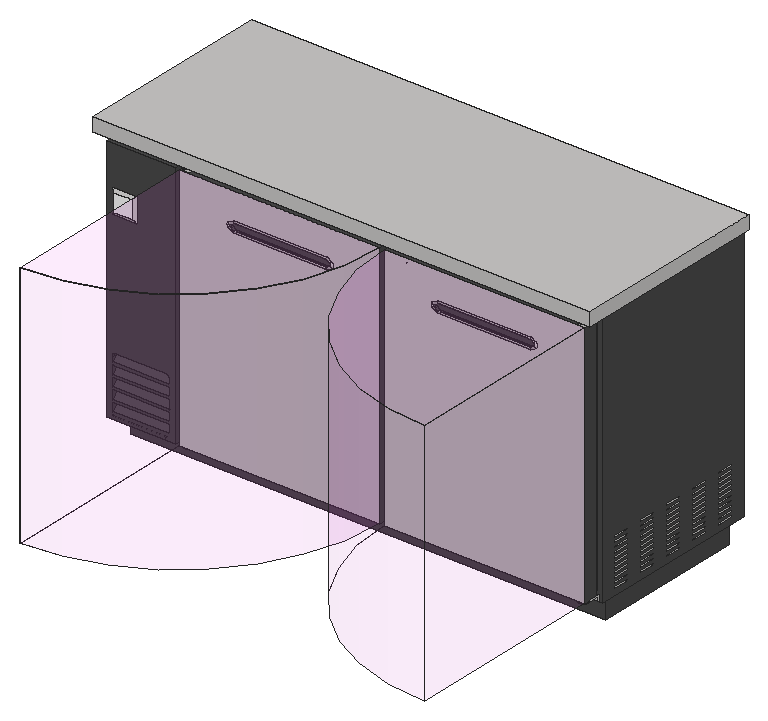
Revit family "QF_Kelvinator_738270_KCHBB60S", category Specialty Equipment, Revit 2021
Family settings
  Round Connector Dimension = Use Diameter
  Part Type = Normal
  Work Plane-Based = No
  Always vertical = Yes
  Cut with Voids When Loaded = No
  Shared = No
  Room Calculation Point = No
Parameters
  Weight in Pounds = 240.304
  Weight = 108.00 lbm
  Watts = 0 W
  Volts = 115 V
  URL Manufacturer = "KELVINATOR"
  URL Cutsheet = ""
  URL = "KELVINATOR"
  Specification by User = ""
  Specification by Manufacturer = ""
  Serial Number = ""
  Seismic Rating = ""
  SMACNA No = ""
  Revision Code = ""
  Refrigerant Type = "R290"
  Phase = 1
  Number of Poles = 1
  NAFEM Spec ID Number = ""
  Model = "KCHBB60S"
  Min Ckt Ampacity = 0 A
  Max Overcurrent Protection = 0 A
  Masterspec = ""
  Manufacturer = "Kelvinator"
  Length Actual = 1551"
  Length = 61.06"
  Item Number = "738270"
  Installed By = ""
  Identify Quantity as Lot = yes
  Height Actual = 920"
  Height = 36 1/4"
  HP = "0.4 HP"
  Gas KW = 0
  Furnished By = ""
  Foodservice Equipment Identifier = yes
  FL Amps = 3 A
  Electrical Remarks = ""
  Electric Connection Type = ""
  Elec Conn RI Height = 0"
  Elec Conn Connection Height = 0"
  Description = "2-SOLID DOOR BACK BAR REFRIGERATOR BLACK 61\" LONG"
  Depth Actual = 620"
  Depth = 24 7/16"
  Default Elevation = 0"
  Cycle = 60 Hz
  Conn Plug = "5-15P"
  Conn Conduit = yes
  CSI MasterFormat = ""
  Apparent Power = 0 VA
  Accessory = no
Reference planes (in)
  plane 1 "BACK": y = 0
  plane 2: z = 0
  plane 3 "LEFT": x = 0
  plane 4 "RIGHT": x = 61.06
  plane 5 "FRONT": y = -24.4375
  plane 6 "TOP": z = 36.25
  plane 7 "Center Y": x = 30.53
  plane 8 "Center X": y = -12.21875
Dimensions and locks (in)
  equal spacing: plane 3 "LEFT", plane 7 "Center Y", plane 4 "RIGHT"
  "Length": plane 3 "LEFT" to plane 4 "RIGHT"
  equal spacing: plane 5 "FRONT", plane 8 "Center X", plane 1 "BACK"
  "Depth": plane 5 "FRONT" to plane 1 "BACK"
  "Height": plane 6 "TOP" to level
  aligned and locked: level to plane 2
Nested families (in)
  nested 1: "KCHBB48S" at (0, 0, 0), type "KCHBB48S"
    with Show Clearance yes
Connectors (in)
  electrical at (30.53, -0.6525, 2.1875), driven by "Volts", driven by "Watts"
    settings: on nested 1, index 1, voltage 115 V, apparent load 0 VA, apparent load phase1 0 VA, apparent load phase2 0 VA, apparent load phase3 0 VA, power factor 1, load classification "Other", number of poles 1, system type 30, power factor state 1, is connector primary yes, connector utility no, sub classification motor no, connector description ""
Definition of nested family "KCHBB48S"
  Parameters (values of type "KCHBB48S")
    Weight in Pounds = 0
    URL Cutsheet = ""
    Specification by User = ""
    Specification by Manufacturer = ""
    Show Clearance [instance] = yes
    Serial Number = ""
    Seismic Rating = ""
    SMACNA No = ""
    Revision Code = ""
    NAFEM Spec ID Number = ""
    Masterspec = ""
    Length = 61 1/16"
    Item Number = ""
    Installed By = ""
    Identify Quantity as Lot = yes
    Height = 36 1/4"
    Furnished By = ""
    Foodservice Equipment Identifier = yes
    Depth = 24 7/16"
    Default Elevation = 0"
    CSI MasterFormat = ""
  Reference planes (in)
    plane 1 "BACK": y = 0
    plane 2: z = 0
    plane 3 "LEFT": x = 0
    plane 4 "RIGHT": x = 61.0625
    plane 5 "FRONT": y = -24.4375
    plane 6 "TOP": z = 36.25
    plane 7 "Center Y": x = 30.53125
    plane 8 "Center X": y = -12.21875
    plane 9: x = 60.46875
    plane 10: x = 0.59375
    plane 11: x = 59.96875
    plane 12: x = 35.36625
    plane 13: x = 34.86875
    plane 14: x = 10.26875
    plane 15: x = 9.68375
    plane 16: x = 1.18375
    plane 17: z = 2.6875
    plane 18: z = 34.5875
    plane 19: y = -40.8
    plane 20: y = -21.6
    plane 21: x = 1.34375
    plane 22: x = 59.71875
    plane 23: y = -1.34
    plane 24: y = -20.26
    plane 25: z = 33.8375
    plane 26: z = 3.4375
    plane 27: y = -22.1
    plane 28: x = 1.93375
    plane 29: x = 8.93375
  Forms (in)
    Extrusion 1, solid
      sketch origin (0.59375, -180, -2.6612) x (0, 0, -1) y (0, -1, 0)
        loop
          line (-5.3487, -180) -> (-5.3487, -158.4) -> (-37.2487, -158.4) -> (-37.2487, -180) -> (-5.3487, -180)
      from 0 to -59.875
    Extrusion 2, solid
      sketch origin (0, 0, 0) x (0, 1, 0) y (0, 0, 1)
        loop
          line (-24.4375, 36.25) -> (-24.4375, 34.5875) -> (0, 34.5875) -> (0, 36.25) -> (-24.4375, 36.25)
      from 0 to 61.0625
    Extrusion 3, solid
      sketch origin (0, -1.34, 0) x (0, 0, -1) y (1, 0, 0)
        loop
          line (-2.6875, 1.34375) -> (0, 1.34375) -> (0, 59.71875) -> (-2.6875, 59.71875) -> (-2.6875, 1.34375)
      from 0 to 18.92
    Extrusion 4, solid
      sketch origin (0, -22.1, 34.5875) x (0, 0, 1) y (1, 0, 0)
        loop
          line (-0.75, 1.18375) -> (-0.75, 9.68375) -> (-31.15, 9.68375) -> (-31.15, 1.18375) -> (-0.75, 1.18375)
      from 0.5 to -1.75
    Extrusion 5, void
      sketch origin (1.93375, -180, 12.66737) x (0, 0, -1) y (0, -1, 0)
        loop
          line (8.97987, -157.025) -> (8.97987, -154.65) -> (1.85487, -154.65) -> (1.85487, -157.025) -> (2.10487, -157.025) -> (2.97987, -156.15) -> (3.22987, -156.15) -> (3.22987, -157.025) -> (3.47987, -157.025) -> (4.35487, -156.15) -> (4.60487, -156.15) -> (4.60487, -157.025) -> (4.85487, -157.025) -> (5.72987, -156.15) -> (5.97987, -156.15) -> (5.97987, -157.025) -> (6.22987, -157.025) -> (7.10487, -156.15) -> (7.35487, -156.15) -> (7.35487, -157.025) -> (7.60487, -157.025) -> (8.47987, -156.15) -> (8.72987, -156.15) -> (8.72987, -157.025) -> (8.97987, -157.025)
      from 0 to -7
    Extrusion 6, solid
      sketch origin (59.96875, -23.85, 3.4375) x (0, 0, 1) y (-1, 0, 0)
        loop
          line (7.375, 51.535) -> (7.375, 57.535)
          arc (7.375, 57.535) -> (7.22855, 57.88855) -> (6.875, 58.035) r 0.5
          line (6.875, 58.035) -> (0.75, 58.035)
          arc (0.75, 58.035) -> (0.39645, 57.88855) -> (0.25, 57.535) r 0.5
          line (0.25, 57.535) -> (0.25, 51.535)
          arc (0.25, 51.535) -> (0.39645, 51.18145) -> (0.75, 51.035) r 0.5
          line (0.75, 51.035) -> (6.875, 51.035)
          arc (6.875, 51.035) -> (7.22855, 51.18145) -> (7.375, 51.535) r 0.5
        loop
          line (7.625, 51.535) -> (7.625, 57.535)
          arc (7.625, 57.535) -> (7.40533, 58.06533) -> (6.875, 58.285) r 0.75
          line (6.875, 58.285) -> (0.75, 58.285)
          arc (0.75, 58.285) -> (0.21967, 58.06533) -> (0, 57.535) r 0.75
          line (0, 57.535) -> (0, 51.535)
          arc (0, 51.535) -> (0.21967, 51.00467) -> (0.75, 50.785) r 0.75
          line (0.75, 50.785) -> (6.875, 50.785)
          arc (6.875, 50.785) -> (7.40533, 51.00467) -> (7.625, 51.535) r 0.75
      from 0 to -0.875
    Blend 7, solid
      base sketch origin (59.96875, -23.85, 3.4375) x (0, 0, 1) y (-1, 0, 0)
        loop
          line (25.18493, 57.65025) -> (22.93493, 57.65025) -> (22.93493, 55.40025) -> (25.18493, 55.40025) -> (25.18493, 57.65025)
      top sketch origin (59.96875, -23.85, 3.4375) x (0, 0, 1) y (-1, 0, 0)
        loop
          line (25.56493, 58.03025) -> (22.55493, 58.03025) -> (22.55493, 55.02025) -> (25.56493, 55.02025) -> (25.56493, 58.03025)
      from 0.21643 to 0
    Extrusion 8, void
      sketch origin (0.59375, -180, -2.6612) x (0, 0, 1) y (0, -1, 0)
        loop
          arc (12.07129, -160.16063) -> (11.91504, -160.00438) -> (11.75879, -160.16063) r 0.15625
          line (11.75879, -160.16063) -> (11.75879, -162.09813)
          arc (11.75879, -162.09813) -> (11.91504, -162.25438) -> (12.07129, -162.09813) r 0.15625
          line (12.07129, -162.09813) -> (12.07129, -160.16063)
        loop
          arc (11.50879, -160.16063) -> (11.35254, -160.00438) -> (11.19629, -160.16063) r 0.15625
          line (11.19629, -160.16063) -> (11.19629, -162.09813)
          arc (11.19629, -162.09813) -> (11.35254, -162.25438) -> (11.50879, -162.09813) r 0.15625
          line (11.50879, -162.09813) -> (11.50879, -160.16063)
        loop
          arc (10.94629, -160.16063) -> (10.79004, -160.00438) -> (10.63379, -160.16063) r 0.15625
          line (10.63379, -160.16063) -> (10.63379, -162.09813)
          arc (10.63379, -162.09813) -> (10.79004, -162.25438) -> (10.94629, -162.09813) r 0.15625
          line (10.94629, -162.09813) -> (10.94629, -160.16063)
        loop
          arc (10.38379, -160.16063) -> (10.22754, -160.00438) -> (10.07129, -160.16063) r 0.15625
          line (10.07129, -160.16063) -> (10.07129, -162.09813)
          arc (10.07129, -162.09813) -> (10.22754, -162.25438) -> (10.38379, -162.09813) r 0.15625
          line (10.38379, -162.09813) -> (10.38379, -160.16063)
        loop
          arc (9.82129, -160.16063) -> (9.66504, -160.00438) -> (9.50879, -160.16063) r 0.15625
          line (9.50879, -160.16063) -> (9.50879, -162.09813)
          arc (9.50879, -162.09813) -> (9.66504, -162.25438) -> (9.82129, -162.09813) r 0.15625
          line (9.82129, -162.09813) -> (9.82129, -160.16063)
        loop
          arc (9.25879, -160.16063) -> (9.10254, -160.00438) -> (8.94629, -160.16063) r 0.15625
          line (8.94629, -160.16063) -> (8.94629, -162.09813)
          arc (8.94629, -162.09813) -> (9.10254, -162.25438) -> (9.25879, -162.09813) r 0.15625
          line (9.25879, -162.09813) -> (9.25879, -160.16063)
        loop
          arc (8.69629, -160.16063) -> (8.54004, -160.00438) -> (8.38379, -160.16063) r 0.15625
          line (8.38379, -160.16063) -> (8.38379, -162.09813)
          arc (8.38379, -162.09813) -> (8.54004, -162.25438) -> (8.69629, -162.09813) r 0.15625
          line (8.69629, -162.09813) -> (8.69629, -160.16063)
        loop
          arc (8.13379, -160.16063) -> (7.97754, -160.00438) -> (7.82129, -160.16063) r 0.15625
          line (7.82129, -160.16063) -> (7.82129, -162.09813)
          arc (7.82129, -162.09813) -> (7.97754, -162.25438) -> (8.13379, -162.09813) r 0.15625
          line (8.13379, -162.09813) -> (8.13379, -160.16063)
        loop
          arc (7.57129, -160.16063) -> (7.41504, -160.00438) -> (7.25879, -160.16063) r 0.15625
          line (7.25879, -160.16063) -> (7.25879, -162.09813)
          arc (7.25879, -162.09813) -> (7.41504, -162.25438) -> (7.57129, -162.09813) r 0.15625
          line (7.57129, -162.09813) -> (7.57129, -160.16063)
        loop
          arc (7.00879, -160.16063) -> (6.85254, -160.00438) -> (6.69629, -160.16063) r 0.15625
          line (6.69629, -160.16063) -> (6.69629, -162.09813)
          arc (6.69629, -162.09813) -> (6.85254, -162.25438) -> (7.00879, -162.09813) r 0.15625
          line (7.00879, -162.09813) -> (7.00879, -160.16063)
        loop
          arc (6.44629, -160.16063) -> (6.29004, -160.00438) -> (6.13379, -160.16063) r 0.15625
          line (6.13379, -160.16063) -> (6.13379, -162.09813)
          arc (6.13379, -162.09813) -> (6.29004, -162.25438) -> (6.44629, -162.09813) r 0.15625
          line (6.44629, -162.09813) -> (6.44629, -160.16063)
        loop
          arc (12.07129, -164.16063) -> (11.91504, -164.00438) -> (11.75879, -164.16063) r 0.15625
          line (11.75879, -164.16063) -> (11.75879, -166.09813)
          arc (11.75879, -166.09813) -> (11.91504, -166.25438) -> (12.07129, -166.09813) r 0.15625
          line (12.07129, -166.09813) -> (12.07129, -164.16063)
        loop
          arc (11.50879, -164.16063) -> (11.35254, -164.00438) -> (11.19629, -164.16063) r 0.15625
          line (11.19629, -164.16063) -> (11.19629, -166.09813)
          arc (11.19629, -166.09813) -> (11.35254, -166.25438) -> (11.50879, -166.09813) r 0.15625
          line (11.50879, -166.09813) -> (11.50879, -164.16063)
        loop
          arc (10.94629, -164.16063) -> (10.79004, -164.00438) -> (10.63379, -164.16063) r 0.15625
          line (10.63379, -164.16063) -> (10.63379, -166.09813)
          arc (10.63379, -166.09813) -> (10.79004, -166.25438) -> (10.94629, -166.09813) r 0.15625
          line (10.94629, -166.09813) -> (10.94629, -164.16063)
        loop
          arc (10.38379, -164.16063) -> (10.22754, -164.00438) -> (10.07129, -164.16063) r 0.15625
          line (10.07129, -164.16063) -> (10.07129, -166.09813)
          arc (10.07129, -166.09813) -> (10.22754, -166.25438) -> (10.38379, -166.09813) r 0.15625
          line (10.38379, -166.09813) -> (10.38379, -164.16063)
        loop
          arc (9.82129, -164.16063) -> (9.66504, -164.00438) -> (9.50879, -164.16063) r 0.15625
          line (9.50879, -164.16063) -> (9.50879, -166.09813)
          arc (9.50879, -166.09813) -> (9.66504, -166.25438) -> (9.82129, -166.09813) r 0.15625
          line (9.82129, -166.09813) -> (9.82129, -164.16063)
        loop
          arc (9.25879, -164.16063) -> (9.10254, -164.00438) -> (8.94629, -164.16063) r 0.15625
          line (8.94629, -164.16063) -> (8.94629, -166.09813)
          arc (8.94629, -166.09813) -> (9.10254, -166.25438) -> (9.25879, -166.09813) r 0.15625
          line (9.25879, -166.09813) -> (9.25879, -164.16063)
        loop
          arc (8.69629, -164.16063) -> (8.54004, -164.00438) -> (8.38379, -164.16063) r 0.15625
          line (8.38379, -164.16063) -> (8.38379, -166.09813)
          arc (8.38379, -166.09813) -> (8.54004, -166.25438) -> (8.69629, -166.09813) r 0.15625
          line (8.69629, -166.09813) -> (8.69629, -164.16063)
        loop
          arc (8.13379, -164.16063) -> (7.97754, -164.00438) -> (7.82129, -164.16063) r 0.15625
          line (7.82129, -164.16063) -> (7.82129, -166.09813)
          arc (7.82129, -166.09813) -> (7.97754, -166.25438) -> (8.13379, -166.09813) r 0.15625
          line (8.13379, -166.09813) -> (8.13379, -164.16063)
        loop
          arc (7.57129, -164.16063) -> (7.41504, -164.00438) -> (7.25879, -164.16063) r 0.15625
          line (7.25879, -164.16063) -> (7.25879, -166.09813)
          arc (7.25879, -166.09813) -> (7.41504, -166.25438) -> (7.57129, -166.09813) r 0.15625
          line (7.57129, -166.09813) -> (7.57129, -164.16063)
        loop
          arc (7.00879, -164.16063) -> (6.85254, -164.00438) -> (6.69629, -164.16063) r 0.15625
          line (6.69629, -164.16063) -> (6.69629, -166.09813)
          arc (6.69629, -166.09813) -> (6.85254, -166.25438) -> (7.00879, -166.09813) r 0.15625
          line (7.00879, -166.09813) -> (7.00879, -164.16063)
        loop
          arc (6.44629, -164.16063) -> (6.29004, -164.00438) -> (6.13379, -164.16063) r 0.15625
          line (6.13379, -164.16063) -> (6.13379, -166.09813)
          arc (6.13379, -166.09813) -> (6.29004, -166.25438) -> (6.44629, -166.09813) r 0.15625
          line (6.44629, -166.09813) -> (6.44629, -164.16063)
        loop
          arc (12.07129, -168.16063) -> (11.91504, -168.00438) -> (11.75879, -168.16063) r 0.15625
          line (11.75879, -168.16063) -> (11.75879, -170.09813)
          arc (11.75879, -170.09813) -> (11.91504, -170.25438) -> (12.07129, -170.09813) r 0.15625
          line (12.07129, -170.09813) -> (12.07129, -168.16063)
        loop
          arc (11.50879, -168.16063) -> (11.35254, -168.00438) -> (11.19629, -168.16063) r 0.15625
          line (11.19629, -168.16063) -> (11.19629, -170.09813)
          arc (11.19629, -170.09813) -> (11.35254, -170.25438) -> (11.50879, -170.09813) r 0.15625
          line (11.50879, -170.09813) -> (11.50879, -168.16063)
        loop
          arc (10.94629, -168.16063) -> (10.79004, -168.00438) -> (10.63379, -168.16063) r 0.15625
          line (10.63379, -168.16063) -> (10.63379, -170.09813)
          arc (10.63379, -170.09813) -> (10.79004, -170.25438) -> (10.94629, -170.09813) r 0.15625
          line (10.94629, -170.09813) -> (10.94629, -168.16063)
        loop
          arc (10.38379, -168.16063) -> (10.22754, -168.00438) -> (10.07129, -168.16063) r 0.15625
          line (10.07129, -168.16063) -> (10.07129, -170.09813)
          arc (10.07129, -170.09813) -> (10.22754, -170.25438) -> (10.38379, -170.09813) r 0.15625
          line (10.38379, -170.09813) -> (10.38379, -168.16063)
        loop
          arc (9.82129, -168.16063) -> (9.66504, -168.00438) -> (9.50879, -168.16063) r 0.15625
          line (9.50879, -168.16063) -> (9.50879, -170.09813)
          arc (9.50879, -170.09813) -> (9.66504, -170.25438) -> (9.82129, -170.09813) r 0.15625
          line (9.82129, -170.09813) -> (9.82129, -168.16063)
        loop
          arc (9.25879, -168.16063) -> (9.10254, -168.00438) -> (8.94629, -168.16063) r 0.15625
          line (8.94629, -168.16063) -> (8.94629, -170.09813)
          arc (8.94629, -170.09813) -> (9.10254, -170.25438) -> (9.25879, -170.09813) r 0.15625
          line (9.25879, -170.09813) -> (9.25879, -168.16063)
        loop
          arc (8.69629, -168.16063) -> (8.54004, -168.00438) -> (8.38379, -168.16063) r 0.15625
          line (8.38379, -168.16063) -> (8.38379, -170.09813)
          arc (8.38379, -170.09813) -> (8.54004, -170.25438) -> (8.69629, -170.09813) r 0.15625
          line (8.69629, -170.09813) -> (8.69629, -168.16063)
        loop
          arc (8.13379, -168.16063) -> (7.97754, -168.00438) -> (7.82129, -168.16063) r 0.15625
          line (7.82129, -168.16063) -> (7.82129, -170.09813)
          arc (7.82129, -170.09813) -> (7.97754, -170.25438) -> (8.13379, -170.09813) r 0.15625
          line (8.13379, -170.09813) -> (8.13379, -168.16063)
        loop
          arc (7.57129, -168.16063) -> (7.41504, -168.00438) -> (7.25879, -168.16063) r 0.15625
          line (7.25879, -168.16063) -> (7.25879, -170.09813)
          arc (7.25879, -170.09813) -> (7.41504, -170.25438) -> (7.57129, -170.09813) r 0.15625
          line (7.57129, -170.09813) -> (7.57129, -168.16063)
        loop
          arc (7.00879, -168.16063) -> (6.85254, -168.00438) -> (6.69629, -168.16063) r 0.15625
          line (6.69629, -168.16063) -> (6.69629, -170.09813)
          arc (6.69629, -170.09813) -> (6.85254, -170.25438) -> (7.00879, -170.09813) r 0.15625
          line (7.00879, -170.09813) -> (7.00879, -168.16063)
        loop
          arc (6.44629, -168.16063) -> (6.29004, -168.00438) -> (6.13379, -168.16063) r 0.15625
          line (6.13379, -168.16063) -> (6.13379, -170.09813)
          arc (6.13379, -170.09813) -> (6.29004, -170.25438) -> (6.44629, -170.09813) r 0.15625
          line (6.44629, -170.09813) -> (6.44629, -168.16063)
        loop
          arc (12.07129, -172.16063) -> (11.91504, -172.00438) -> (11.75879, -172.16063) r 0.15625
          line (11.75879, -172.16063) -> (11.75879, -174.09813)
          arc (11.75879, -174.09813) -> (11.91504, -174.25438) -> (12.07129, -174.09813) r 0.15625
          line (12.07129, -174.09813) -> (12.07129, -172.16063)
        loop
          arc (11.50879, -172.16063) -> (11.35254, -172.00438) -> (11.19629, -172.16063) r 0.15625
          line (11.19629, -172.16063) -> (11.19629, -174.09813)
          arc (11.19629, -174.09813) -> (11.35254, -174.25438) -> (11.50879, -174.09813) r 0.15625
          line (11.50879, -174.09813) -> (11.50879, -172.16063)
        loop
          arc (10.94629, -172.16063) -> (10.79004, -172.00438) -> (10.63379, -172.16063) r 0.15625
          line (10.63379, -172.16063) -> (10.63379, -174.09813)
          arc (10.63379, -174.09813) -> (10.79004, -174.25438) -> (10.94629, -174.09813) r 0.15625
          line (10.94629, -174.09813) -> (10.94629, -172.16063)
        loop
          arc (10.38379, -172.16063) -> (10.22754, -172.00438) -> (10.07129, -172.16063) r 0.15625
          line (10.07129, -172.16063) -> (10.07129, -174.09813)
          arc (10.07129, -174.09813) -> (10.22754, -174.25438) -> (10.38379, -174.09813) r 0.15625
          line (10.38379, -174.09813) -> (10.38379, -172.16063)
        loop
          arc (9.82129, -172.16063) -> (9.66504, -172.00438) -> (9.50879, -172.16063) r 0.15625
          line (9.50879, -172.16063) -> (9.50879, -174.09813)
          arc (9.50879, -174.09813) -> (9.66504, -174.25438) -> (9.82129, -174.09813) r 0.15625
          line (9.82129, -174.09813) -> (9.82129, -172.16063)
        loop
          arc (9.25879, -172.16063) -> (9.10254, -172.00438) -> (8.94629, -172.16063) r 0.15625
          line (8.94629, -172.16063) -> (8.94629, -174.09813)
          arc (8.94629, -174.09813) -> (9.10254, -174.25438) -> (9.25879, -174.09813) r 0.15625
          line (9.25879, -174.09813) -> (9.25879, -172.16063)
        loop
          arc (8.69629, -172.16063) -> (8.54004, -172.00438) -> (8.38379, -172.16063) r 0.15625
          line (8.38379, -172.16063) -> (8.38379, -174.09813)
          arc (8.38379, -174.09813) -> (8.54004, -174.25438) -> (8.69629, -174.09813) r 0.15625
          line (8.69629, -174.09813) -> (8.69629, -172.16063)
        loop
          arc (8.13379, -172.16063) -> (7.97754, -172.00438) -> (7.82129, -172.16063) r 0.15625
          line (7.82129, -172.16063) -> (7.82129, -174.09813)
          arc (7.82129, -174.09813) -> (7.97754, -174.25438) -> (8.13379, -174.09813) r 0.15625
          line (8.13379, -174.09813) -> (8.13379, -172.16063)
        loop
          arc (7.57129, -172.16063) -> (7.41504, -172.00438) -> (7.25879, -172.16063) r 0.15625
          line (7.25879, -172.16063) -> (7.25879, -174.09813)
          arc (7.25879, -174.09813) -> (7.41504, -174.25438) -> (7.57129, -174.09813) r 0.15625
          line (7.57129, -174.09813) -> (7.57129, -172.16063)
        loop
          arc (7.00879, -172.16063) -> (6.85254, -172.00438) -> (6.69629, -172.16063) r 0.15625
          line (6.69629, -172.16063) -> (6.69629, -174.09813)
          arc (6.69629, -174.09813) -> (6.85254, -174.25438) -> (7.00879, -174.09813) r 0.15625
          line (7.00879, -174.09813) -> (7.00879, -172.16063)
        loop
          arc (6.44629, -172.16063) -> (6.29004, -172.00438) -> (6.13379, -172.16063) r 0.15625
          line (6.13379, -172.16063) -> (6.13379, -174.09813)
          arc (6.13379, -174.09813) -> (6.29004, -174.25438) -> (6.44629, -174.09813) r 0.15625
          line (6.44629, -174.09813) -> (6.44629, -172.16063)
        loop
          arc (12.07129, -176.16063) -> (11.91504, -176.00438) -> (11.75879, -176.16063) r 0.15625
          line (11.75879, -176.16063) -> (11.75879, -178.09813)
          arc (11.75879, -178.09813) -> (11.91504, -178.25438) -> (12.07129, -178.09813) r 0.15625
          line (12.07129, -178.09813) -> (12.07129, -176.16063)
        loop
          arc (11.50879, -176.16063) -> (11.35254, -176.00438) -> (11.19629, -176.16063) r 0.15625
          line (11.19629, -176.16063) -> (11.19629, -178.09813)
          arc (11.19629, -178.09813) -> (11.35254, -178.25438) -> (11.50879, -178.09813) r 0.15625
          line (11.50879, -178.09813) -> (11.50879, -176.16063)
        loop
          arc (10.94629, -176.16063) -> (10.79004, -176.00438) -> (10.63379, -176.16063) r 0.15625
          line (10.63379, -176.16063) -> (10.63379, -178.09813)
          arc (10.63379, -178.09813) -> (10.79004, -178.25438) -> (10.94629, -178.09813) r 0.15625
          line (10.94629, -178.09813) -> (10.94629, -176.16063)
        loop
          arc (10.38379, -176.16063) -> (10.22754, -176.00438) -> (10.07129, -176.16063) r 0.15625
          line (10.07129, -176.16063) -> (10.07129, -178.09813)
          arc (10.07129, -178.09813) -> (10.22754, -178.25438) -> (10.38379, -178.09813) r 0.15625
          line (10.38379, -178.09813) -> (10.38379, -176.16063)
        loop
          arc (9.82129, -176.16063) -> (9.66504, -176.00438) -> (9.50879, -176.16063) r 0.15625
          line (9.50879, -176.16063) -> (9.50879, -178.09813)
          arc (9.50879, -178.09813) -> (9.66504, -178.25438) -> (9.82129, -178.09813) r 0.15625
          line (9.82129, -178.09813) -> (9.82129, -176.16063)
        loop
          arc (9.25879, -176.16063) -> (9.10254, -176.00438) -> (8.94629, -176.16063) r 0.15625
          line (8.94629, -176.16063) -> (8.94629, -178.09813)
          arc (8.94629, -178.09813) -> (9.10254, -178.25438) -> (9.25879, -178.09813) r 0.15625
          line (9.25879, -178.09813) -> (9.25879, -176.16063)
        loop
          arc (8.69629, -176.16063) -> (8.54004, -176.00438) -> (8.38379, -176.16063) r 0.15625
          line (8.38379, -176.16063) -> (8.38379, -178.09813)
          arc (8.38379, -178.09813) -> (8.54004, -178.25438) -> (8.69629, -178.09813) r 0.15625
          line (8.69629, -178.09813) -> (8.69629, -176.16063)
        loop
          arc (8.13379, -176.16063) -> (7.97754, -176.00438) -> (7.82129, -176.16063) r 0.15625
          line (7.82129, -176.16063) -> (7.82129, -178.09813)
          arc (7.82129, -178.09813) -> (7.97754, -178.25438) -> (8.13379, -178.09813) r 0.15625
          line (8.13379, -178.09813) -> (8.13379, -176.16063)
        loop
          arc (7.57129, -176.16063) -> (7.41504, -176.00438) -> (7.25879, -176.16063) r 0.15625
          line (7.25879, -176.16063) -> (7.25879, -178.09813)
          arc (7.25879, -178.09813) -> (7.41504, -178.25438) -> (7.57129, -178.09813) r 0.15625
          line (7.57129, -178.09813) -> (7.57129, -176.16063)
        loop
          arc (7.00879, -176.16063) -> (6.85254, -176.00438) -> (6.69629, -176.16063) r 0.15625
          line (6.69629, -176.16063) -> (6.69629, -178.09813)
          arc (6.69629, -178.09813) -> (6.85254, -178.25438) -> (7.00879, -178.09813) r 0.15625
          line (7.00879, -178.09813) -> (7.00879, -176.16063)
        loop
          arc (6.44629, -176.16063) -> (6.29004, -176.00438) -> (6.13379, -176.16063) r 0.15625
          line (6.13379, -176.16063) -> (6.13379, -178.09813)
          arc (6.13379, -178.09813) -> (6.29004, -178.25438) -> (6.44629, -178.09813) r 0.15625
          line (6.44629, -178.09813) -> (6.44629, -176.16063)
      from 0 to 0.03
    Extrusion 9, void
      sketch origin (60.46875, -180, -2.6612) x (0, 0, -1) y (0, -1, 0)
        loop
          line (-12.07129, -160.16063) -> (-12.07129, -162.09813)
          arc (-12.07129, -162.09813) -> (-11.91504, -162.25438) -> (-11.75879, -162.09813) r 0.15625
          line (-11.75879, -162.09813) -> (-11.75879, -160.16063)
          arc (-11.75879, -160.16063) -> (-11.91504, -160.00438) -> (-12.07129, -160.16063) r 0.15625
        loop
          line (-11.50879, -160.16063) -> (-11.50879, -162.09813)
          arc (-11.50879, -162.09813) -> (-11.35254, -162.25438) -> (-11.19629, -162.09813) r 0.15625
          line (-11.19629, -162.09813) -> (-11.19629, -160.16063)
          arc (-11.19629, -160.16063) -> (-11.35254, -160.00438) -> (-11.50879, -160.16063) r 0.15625
        loop
          line (-10.94629, -160.16063) -> (-10.94629, -162.09813)
          arc (-10.94629, -162.09813) -> (-10.79004, -162.25438) -> (-10.63379, -162.09813) r 0.15625
          line (-10.63379, -162.09813) -> (-10.63379, -160.16063)
          arc (-10.63379, -160.16063) -> (-10.79004, -160.00438) -> (-10.94629, -160.16063) r 0.15625
        loop
          line (-10.38379, -160.16063) -> (-10.38379, -162.09813)
          arc (-10.38379, -162.09813) -> (-10.22754, -162.25438) -> (-10.07129, -162.09813) r 0.15625
          line (-10.07129, -162.09813) -> (-10.07129, -160.16063)
          arc (-10.07129, -160.16063) -> (-10.22754, -160.00438) -> (-10.38379, -160.16063) r 0.15625
        loop
          line (-9.82129, -160.16063) -> (-9.82129, -162.09813)
          arc (-9.82129, -162.09813) -> (-9.66504, -162.25438) -> (-9.50879, -162.09813) r 0.15625
          line (-9.50879, -162.09813) -> (-9.50879, -160.16063)
          arc (-9.50879, -160.16063) -> (-9.66504, -160.00438) -> (-9.82129, -160.16063) r 0.15625
        loop
          line (-9.25879, -160.16063) -> (-9.25879, -162.09813)
          arc (-9.25879, -162.09813) -> (-9.10254, -162.25438) -> (-8.94629, -162.09813) r 0.15625
          line (-8.94629, -162.09813) -> (-8.94629, -160.16063)
          arc (-8.94629, -160.16063) -> (-9.10254, -160.00438) -> (-9.25879, -160.16063) r 0.15625
        loop
          line (-8.69629, -160.16063) -> (-8.69629, -162.09813)
          arc (-8.69629, -162.09813) -> (-8.54004, -162.25438) -> (-8.38379, -162.09813) r 0.15625
          line (-8.38379, -162.09813) -> (-8.38379, -160.16063)
          arc (-8.38379, -160.16063) -> (-8.54004, -160.00438) -> (-8.69629, -160.16063) r 0.15625
        loop
          line (-8.13379, -160.16063) -> (-8.13379, -162.09813)
          arc (-8.13379, -162.09813) -> (-7.97754, -162.25438) -> (-7.82129, -162.09813) r 0.15625
          line (-7.82129, -162.09813) -> (-7.82129, -160.16063)
          arc (-7.82129, -160.16063) -> (-7.97754, -160.00438) -> (-8.13379, -160.16063) r 0.15625
        loop
          line (-7.57129, -160.16063) -> (-7.57129, -162.09813)
          arc (-7.57129, -162.09813) -> (-7.41504, -162.25438) -> (-7.25879, -162.09813) r 0.15625
          line (-7.25879, -162.09813) -> (-7.25879, -160.16063)
          arc (-7.25879, -160.16063) -> (-7.41504, -160.00438) -> (-7.57129, -160.16063) r 0.15625
        loop
          line (-7.00879, -160.16063) -> (-7.00879, -162.09813)
          arc (-7.00879, -162.09813) -> (-6.85254, -162.25438) -> (-6.69629, -162.09813) r 0.15625
          line (-6.69629, -162.09813) -> (-6.69629, -160.16063)
          arc (-6.69629, -160.16063) -> (-6.85254, -160.00438) -> (-7.00879, -160.16063) r 0.15625
        loop
          line (-6.44629, -160.16063) -> (-6.44629, -162.09813)
          arc (-6.44629, -162.09813) -> (-6.29004, -162.25438) -> (-6.13379, -162.09813) r 0.15625
          line (-6.13379, -162.09813) -> (-6.13379, -160.16063)
          arc (-6.13379, -160.16063) -> (-6.29004, -160.00438) -> (-6.44629, -160.16063) r 0.15625
        loop
          line (-12.07129, -164.16063) -> (-12.07129, -166.09813)
          arc (-12.07129, -166.09813) -> (-11.91504, -166.25438) -> (-11.75879, -166.09813) r 0.15625
          line (-11.75879, -166.09813) -> (-11.75879, -164.16063)
          arc (-11.75879, -164.16063) -> (-11.91504, -164.00438) -> (-12.07129, -164.16063) r 0.15625
        loop
          line (-11.50879, -164.16063) -> (-11.50879, -166.09813)
          arc (-11.50879, -166.09813) -> (-11.35254, -166.25438) -> (-11.19629, -166.09813) r 0.15625
          line (-11.19629, -166.09813) -> (-11.19629, -164.16063)
          arc (-11.19629, -164.16063) -> (-11.35254, -164.00438) -> (-11.50879, -164.16063) r 0.15625
        loop
          line (-10.94629, -164.16063) -> (-10.94629, -166.09813)
          arc (-10.94629, -166.09813) -> (-10.79004, -166.25438) -> (-10.63379, -166.09813) r 0.15625
          line (-10.63379, -166.09813) -> (-10.63379, -164.16063)
          arc (-10.63379, -164.16063) -> (-10.79004, -164.00438) -> (-10.94629, -164.16063) r 0.15625
        loop
          line (-10.38379, -164.16063) -> (-10.38379, -166.09813)
          arc (-10.38379, -166.09813) -> (-10.22754, -166.25438) -> (-10.07129, -166.09813) r 0.15625
          line (-10.07129, -166.09813) -> (-10.07129, -164.16063)
          arc (-10.07129, -164.16063) -> (-10.22754, -164.00438) -> (-10.38379, -164.16063) r 0.15625
        loop
          line (-9.82129, -164.16063) -> (-9.82129, -166.09813)
          arc (-9.82129, -166.09813) -> (-9.66504, -166.25438) -> (-9.50879, -166.09813) r 0.15625
          line (-9.50879, -166.09813) -> (-9.50879, -164.16063)
          arc (-9.50879, -164.16063) -> (-9.66504, -164.00438) -> (-9.82129, -164.16063) r 0.15625
        loop
          line (-9.25879, -164.16063) -> (-9.25879, -166.09813)
          arc (-9.25879, -166.09813) -> (-9.10254, -166.25438) -> (-8.94629, -166.09813) r 0.15625
          line (-8.94629, -166.09813) -> (-8.94629, -164.16063)
          arc (-8.94629, -164.16063) -> (-9.10254, -164.00438) -> (-9.25879, -164.16063) r 0.15625
        loop
          line (-8.69629, -164.16063) -> (-8.69629, -166.09813)
          arc (-8.69629, -166.09813) -> (-8.54004, -166.25438) -> (-8.38379, -166.09813) r 0.15625
          line (-8.38379, -166.09813) -> (-8.38379, -164.16063)
          arc (-8.38379, -164.16063) -> (-8.54004, -164.00438) -> (-8.69629, -164.16063) r 0.15625
        loop
          line (-8.13379, -164.16063) -> (-8.13379, -166.09813)
          arc (-8.13379, -166.09813) -> (-7.97754, -166.25438) -> (-7.82129, -166.09813) r 0.15625
          line (-7.82129, -166.09813) -> (-7.82129, -164.16063)
          arc (-7.82129, -164.16063) -> (-7.97754, -164.00438) -> (-8.13379, -164.16063) r 0.15625
        loop
          line (-7.57129, -164.16063) -> (-7.57129, -166.09813)
          arc (-7.57129, -166.09813) -> (-7.41504, -166.25438) -> (-7.25879, -166.09813) r 0.15625
          line (-7.25879, -166.09813) -> (-7.25879, -164.16063)
          arc (-7.25879, -164.16063) -> (-7.41504, -164.00438) -> (-7.57129, -164.16063) r 0.15625
        loop
          line (-7.00879, -164.16063) -> (-7.00879, -166.09813)
          arc (-7.00879, -166.09813) -> (-6.85254, -166.25438) -> (-6.69629, -166.09813) r 0.15625
          line (-6.69629, -166.09813) -> (-6.69629, -164.16063)
          arc (-6.69629, -164.16063) -> (-6.85254, -164.00438) -> (-7.00879, -164.16063) r 0.15625
        loop
          line (-6.44629, -164.16063) -> (-6.44629, -166.09813)
          arc (-6.44629, -166.09813) -> (-6.29004, -166.25438) -> (-6.13379, -166.09813) r 0.15625
          line (-6.13379, -166.09813) -> (-6.13379, -164.16063)
          arc (-6.13379, -164.16063) -> (-6.29004, -164.00438) -> (-6.44629, -164.16063) r 0.15625
        loop
          line (-12.07129, -168.16063) -> (-12.07129, -170.09813)
          arc (-12.07129, -170.09813) -> (-11.91504, -170.25438) -> (-11.75879, -170.09813) r 0.15625
          line (-11.75879, -170.09813) -> (-11.75879, -168.16063)
          arc (-11.75879, -168.16063) -> (-11.91504, -168.00438) -> (-12.07129, -168.16063) r 0.15625
        loop
          line (-11.50879, -168.16063) -> (-11.50879, -170.09813)
          arc (-11.50879, -170.09813) -> (-11.35254, -170.25438) -> (-11.19629, -170.09813) r 0.15625
          line (-11.19629, -170.09813) -> (-11.19629, -168.16063)
          arc (-11.19629, -168.16063) -> (-11.35254, -168.00438) -> (-11.50879, -168.16063) r 0.15625
        loop
          line (-10.94629, -168.16063) -> (-10.94629, -170.09813)
          arc (-10.94629, -170.09813) -> (-10.79004, -170.25438) -> (-10.63379, -170.09813) r 0.15625
          line (-10.63379, -170.09813) -> (-10.63379, -168.16063)
          arc (-10.63379, -168.16063) -> (-10.79004, -168.00438) -> (-10.94629, -168.16063) r 0.15625
        loop
          line (-10.38379, -168.16063) -> (-10.38379, -170.09813)
          arc (-10.38379, -170.09813) -> (-10.22754, -170.25438) -> (-10.07129, -170.09813) r 0.15625
          line (-10.07129, -170.09813) -> (-10.07129, -168.16063)
          arc (-10.07129, -168.16063) -> (-10.22754, -168.00438) -> (-10.38379, -168.16063) r 0.15625
        loop
          line (-9.82129, -168.16063) -> (-9.82129, -170.09813)
          arc (-9.82129, -170.09813) -> (-9.66504, -170.25438) -> (-9.50879, -170.09813) r 0.15625
          line (-9.50879, -170.09813) -> (-9.50879, -168.16063)
          arc (-9.50879, -168.16063) -> (-9.66504, -168.00438) -> (-9.82129, -168.16063) r 0.15625
        loop
          line (-9.25879, -168.16063) -> (-9.25879, -170.09813)
          arc (-9.25879, -170.09813) -> (-9.10254, -170.25438) -> (-8.94629, -170.09813) r 0.15625
          line (-8.94629, -170.09813) -> (-8.94629, -168.16063)
          arc (-8.94629, -168.16063) -> (-9.10254, -168.00438) -> (-9.25879, -168.16063) r 0.15625
        loop
          line (-8.69629, -168.16063) -> (-8.69629, -170.09813)
          arc (-8.69629, -170.09813) -> (-8.54004, -170.25438) -> (-8.38379, -170.09813) r 0.15625
          line (-8.38379, -170.09813) -> (-8.38379, -168.16063)
          arc (-8.38379, -168.16063) -> (-8.54004, -168.00438) -> (-8.69629, -168.16063) r 0.15625
        loop
          line (-8.13379, -168.16063) -> (-8.13379, -170.09813)
          arc (-8.13379, -170.09813) -> (-7.97754, -170.25438) -> (-7.82129, -170.09813) r 0.15625
          line (-7.82129, -170.09813) -> (-7.82129, -168.16063)
          arc (-7.82129, -168.16063) -> (-7.97754, -168.00438) -> (-8.13379, -168.16063) r 0.15625
        loop
          line (-7.57129, -168.16063) -> (-7.57129, -170.09813)
          arc (-7.57129, -170.09813) -> (-7.41504, -170.25438) -> (-7.25879, -170.09813) r 0.15625
          line (-7.25879, -170.09813) -> (-7.25879, -168.16063)
          arc (-7.25879, -168.16063) -> (-7.41504, -168.00438) -> (-7.57129, -168.16063) r 0.15625
        loop
          line (-7.00879, -168.16063) -> (-7.00879, -170.09813)
          arc (-7.00879, -170.09813) -> (-6.85254, -170.25438) -> (-6.69629, -170.09813) r 0.15625
          line (-6.69629, -170.09813) -> (-6.69629, -168.16063)
          arc (-6.69629, -168.16063) -> (-6.85254, -168.00438) -> (-7.00879, -168.16063) r 0.15625
        loop
          line (-6.44629, -168.16063) -> (-6.44629, -170.09813)
          arc (-6.44629, -170.09813) -> (-6.29004, -170.25438) -> (-6.13379, -170.09813) r 0.15625
          line (-6.13379, -170.09813) -> (-6.13379, -168.16063)
          arc (-6.13379, -168.16063) -> (-6.29004, -168.00438) -> (-6.44629, -168.16063) r 0.15625
        loop
          line (-12.07129, -172.16063) -> (-12.07129, -174.09813)
          arc (-12.07129, -174.09813) -> (-11.91504, -174.25438) -> (-11.75879, -174.09813) r 0.15625
          line (-11.75879, -174.09813) -> (-11.75879, -172.16063)
          arc (-11.75879, -172.16063) -> (-11.91504, -172.00438) -> (-12.07129, -172.16063) r 0.15625
        loop
          line (-11.50879, -172.16063) -> (-11.50879, -174.09813)
          arc (-11.50879, -174.09813) -> (-11.35254, -174.25438) -> (-11.19629, -174.09813) r 0.15625
          line (-11.19629, -174.09813) -> (-11.19629, -172.16063)
          arc (-11.19629, -172.16063) -> (-11.35254, -172.00438) -> (-11.50879, -172.16063) r 0.15625
        loop
          line (-10.94629, -172.16063) -> (-10.94629, -174.09813)
          arc (-10.94629, -174.09813) -> (-10.79004, -174.25438) -> (-10.63379, -174.09813) r 0.15625
          line (-10.63379, -174.09813) -> (-10.63379, -172.16063)
          arc (-10.63379, -172.16063) -> (-10.79004, -172.00438) -> (-10.94629, -172.16063) r 0.15625
        loop
          line (-10.38379, -172.16063) -> (-10.38379, -174.09813)
          arc (-10.38379, -174.09813) -> (-10.22754, -174.25438) -> (-10.07129, -174.09813) r 0.15625
          line (-10.07129, -174.09813) -> (-10.07129, -172.16063)
          arc (-10.07129, -172.16063) -> (-10.22754, -172.00438) -> (-10.38379, -172.16063) r 0.15625
        loop
          line (-9.82129, -172.16063) -> (-9.82129, -174.09813)
          arc (-9.82129, -174.09813) -> (-9.66504, -174.25438) -> (-9.50879, -174.09813) r 0.15625
          line (-9.50879, -174.09813) -> (-9.50879, -172.16063)
          arc (-9.50879, -172.16063) -> (-9.66504, -172.00438) -> (-9.82129, -172.16063) r 0.15625
        loop
          line (-9.25879, -172.16063) -> (-9.25879, -174.09813)
          arc (-9.25879, -174.09813) -> (-9.10254, -174.25438) -> (-8.94629, -174.09813) r 0.15625
          line (-8.94629, -174.09813) -> (-8.94629, -172.16063)
          arc (-8.94629, -172.16063) -> (-9.10254, -172.00438) -> (-9.25879, -172.16063) r 0.15625
        loop
          line (-8.69629, -172.16063) -> (-8.69629, -174.09813)
          arc (-8.69629, -174.09813) -> (-8.54004, -174.25438) -> (-8.38379, -174.09813) r 0.15625
          line (-8.38379, -174.09813) -> (-8.38379, -172.16063)
          arc (-8.38379, -172.16063) -> (-8.54004, -172.00438) -> (-8.69629, -172.16063) r 0.15625
        loop
          line (-8.13379, -172.16063) -> (-8.13379, -174.09813)
          arc (-8.13379, -174.09813) -> (-7.97754, -174.25438) -> (-7.82129, -174.09813) r 0.15625
          line (-7.82129, -174.09813) -> (-7.82129, -172.16063)
          arc (-7.82129, -172.16063) -> (-7.97754, -172.00438) -> (-8.13379, -172.16063) r 0.15625
        loop
          line (-7.57129, -172.16063) -> (-7.57129, -174.09813)
          arc (-7.57129, -174.09813) -> (-7.41504, -174.25438) -> (-7.25879, -174.09813) r 0.15625
          line (-7.25879, -174.09813) -> (-7.25879, -172.16063)
          arc (-7.25879, -172.16063) -> (-7.41504, -172.00438) -> (-7.57129, -172.16063) r 0.15625
        loop
          line (-7.00879, -172.16063) -> (-7.00879, -174.09813)
          arc (-7.00879, -174.09813) -> (-6.85254, -174.25438) -> (-6.69629, -174.09813) r 0.15625
          line (-6.69629, -174.09813) -> (-6.69629, -172.16063)
          arc (-6.69629, -172.16063) -> (-6.85254, -172.00438) -> (-7.00879, -172.16063) r 0.15625
        loop
          line (-6.44629, -172.16063) -> (-6.44629, -174.09813)
          arc (-6.44629, -174.09813) -> (-6.29004, -174.25438) -> (-6.13379, -174.09813) r 0.15625
          line (-6.13379, -174.09813) -> (-6.13379, -172.16063)
          arc (-6.13379, -172.16063) -> (-6.29004, -172.00438) -> (-6.44629, -172.16063) r 0.15625
        loop
          line (-12.07129, -176.16063) -> (-12.07129, -178.09813)
          arc (-12.07129, -178.09813) -> (-11.91504, -178.25438) -> (-11.75879, -178.09813) r 0.15625
          line (-11.75879, -178.09813) -> (-11.75879, -176.16063)
          arc (-11.75879, -176.16063) -> (-11.91504, -176.00438) -> (-12.07129, -176.16063) r 0.15625
        loop
          line (-11.50879, -176.16063) -> (-11.50879, -178.09813)
          arc (-11.50879, -178.09813) -> (-11.35254, -178.25438) -> (-11.19629, -178.09813) r 0.15625
          line (-11.19629, -178.09813) -> (-11.19629, -176.16063)
          arc (-11.19629, -176.16063) -> (-11.35254, -176.00438) -> (-11.50879, -176.16063) r 0.15625
        loop
          line (-10.94629, -176.16063) -> (-10.94629, -178.09813)
          arc (-10.94629, -178.09813) -> (-10.79004, -178.25438) -> (-10.63379, -178.09813) r 0.15625
          line (-10.63379, -178.09813) -> (-10.63379, -176.16063)
          arc (-10.63379, -176.16063) -> (-10.79004, -176.00438) -> (-10.94629, -176.16063) r 0.15625
        loop
          line (-10.38379, -176.16063) -> (-10.38379, -178.09813)
          arc (-10.38379, -178.09813) -> (-10.22754, -178.25438) -> (-10.07129, -178.09813) r 0.15625
          line (-10.07129, -178.09813) -> (-10.07129, -176.16063)
          arc (-10.07129, -176.16063) -> (-10.22754, -176.00438) -> (-10.38379, -176.16063) r 0.15625
        loop
          line (-9.82129, -176.16063) -> (-9.82129, -178.09813)
          arc (-9.82129, -178.09813) -> (-9.66504, -178.25438) -> (-9.50879, -178.09813) r 0.15625
          line (-9.50879, -178.09813) -> (-9.50879, -176.16063)
          arc (-9.50879, -176.16063) -> (-9.66504, -176.00438) -> (-9.82129, -176.16063) r 0.15625
        loop
          line (-9.25879, -176.16063) -> (-9.25879, -178.09813)
          arc (-9.25879, -178.09813) -> (-9.10254, -178.25438) -> (-8.94629, -178.09813) r 0.15625
          line (-8.94629, -178.09813) -> (-8.94629, -176.16063)
          arc (-8.94629, -176.16063) -> (-9.10254, -176.00438) -> (-9.25879, -176.16063) r 0.15625
        loop
          line (-8.69629, -176.16063) -> (-8.69629, -178.09813)
          arc (-8.69629, -178.09813) -> (-8.54004, -178.25438) -> (-8.38379, -178.09813) r 0.15625
          line (-8.38379, -178.09813) -> (-8.38379, -176.16063)
          arc (-8.38379, -176.16063) -> (-8.54004, -176.00438) -> (-8.69629, -176.16063) r 0.15625
        loop
          line (-8.13379, -176.16063) -> (-8.13379, -178.09813)
          arc (-8.13379, -178.09813) -> (-7.97754, -178.25438) -> (-7.82129, -178.09813) r 0.15625
          line (-7.82129, -178.09813) -> (-7.82129, -176.16063)
          arc (-7.82129, -176.16063) -> (-7.97754, -176.00438) -> (-8.13379, -176.16063) r 0.15625
        loop
          line (-7.57129, -176.16063) -> (-7.57129, -178.09813)
          arc (-7.57129, -178.09813) -> (-7.41504, -178.25438) -> (-7.25879, -178.09813) r 0.15625
          line (-7.25879, -178.09813) -> (-7.25879, -176.16063)
          arc (-7.25879, -176.16063) -> (-7.41504, -176.00438) -> (-7.57129, -176.16063) r 0.15625
        loop
          line (-7.00879, -176.16063) -> (-7.00879, -178.09813)
          arc (-7.00879, -178.09813) -> (-6.85254, -178.25438) -> (-6.69629, -178.09813) r 0.15625
          line (-6.69629, -178.09813) -> (-6.69629, -176.16063)
          arc (-6.69629, -176.16063) -> (-6.85254, -176.00438) -> (-7.00879, -176.16063) r 0.15625
        loop
          line (-6.44629, -176.16063) -> (-6.44629, -178.09813)
          arc (-6.44629, -178.09813) -> (-6.29004, -178.25438) -> (-6.13379, -178.09813) r 0.15625
          line (-6.13379, -178.09813) -> (-6.13379, -176.16063)
          arc (-6.13379, -176.16063) -> (-6.29004, -176.00438) -> (-6.44629, -176.16063) r 0.15625
      from 0 to 0.03
    Extrusion 10, solid
      sketch origin (0.59375, 0, 2.6875) x (-1, 0, 0) y (0, 1, 0)
        loop
          circle (-29.93625, -0.6525) r 0.25
      from 0 to 0.5
  Cuts and joins
    Extrusion 5 cuts Extrusion 4
    joined: Extrusion 4, Extrusion 6
    Extrusion 8, Extrusion 9 cuts Extrusion 1
  Lines and regions (in)
    Split face 1
      outline origin (3.4435, -24.06643, 28.62243) x (1, 0, 0) y (0, 0.49491, 0.868944)
        loop
          line (-1.21875, 0.43731) -> (-0.97039, 0.18895) -> (0.97039, 0.18895) -> (1.21875, 0.43731)
    Split face 2
      outline origin (2.3185, -24.06643, 27.49743) x (0, 0, 1) y (-0.868944, 0.49491, 0)
        loop
          line (1.18615, 0.43731) -> (0.93617, 0.18733) -> (-0.93617, 0.18733) -> (-1.18615, 0.43731)
    Split face 3
      outline origin (4.5685, -24.06643, 27.49743) x (0, 0, -1) y (0.868944, 0.49491, 0)
        loop
          line (-1.19007, 0.43731) -> (-0.98384, 0.15014) -> (0.98384, 0.15014) -> (1.19007, 0.43731)
    Split face 4
      outline origin (3.4435, -24.06643, 26.37243) x (-1, 0, 0) y (0, 0.49491, -0.868944)
        loop
          line (1.22528, 0.43731) -> (0.97787, 0.1899) -> (-0.97787, 0.1899) -> (-1.22528, 0.43731)
    Split face 5
      outline origin (59.96875, -24.06643, 3.4375) x (0, 0, 1) y (-1, 0, 0)
        loop
          line (24.38945, 57.65025) -> (24.38945, 55.40025)
    Split face 6
      outline origin (59.96875, -24.06643, 3.4375) x (0, 0, 1) y (-1, 0, 0)
        loop
          line (24.25741, 56.81122) -> (23.12376, 56.81122) -> (23.12376, 56.18607) -> (24.25741, 56.18607) -> (24.25741, 56.81122)
    Split face 7
      outline origin (59.96875, -24.06643, 3.4375) x (0, 0, 1) y (-1, 0, 0)
        loop
          line (24.19741, 56.24607) -> (24.19741, 56.75122) -> (23.18376, 56.75122) -> (23.18376, 56.24607) -> (24.19741, 56.24607)
    symbolic lines
      curve 1: line (61.0625, 0, 0) -> (0, 0, 0)
      curve 2: line (0, 0, 0) -> (0, -24.4375, 0)
      curve 3: line (0, -24.4375, 0) -> (61.0625, -24.4375, 0)
      curve 4: line (61.0625, -24.4375, 0) -> (61.0625, 0, 0)
  Dimensions and locks (in)
    equal spacing: plane 3 "LEFT", plane 7 "Center Y", plane 4 "RIGHT"
    "Length": plane 3 "LEFT" to plane 4 "RIGHT"
    equal spacing: plane 5 "FRONT", plane 8 "Center X", plane 1 "BACK"
    "Depth": plane 5 "FRONT" to plane 1 "BACK"
    "Height": plane 6 "TOP" to level
    plane 10 to plane 9 = 59 7/8"
    plane 4 "RIGHT" to plane 3 "LEFT" = 61 1/16"
    plane 6 "TOP" to plane 17 = 33 9/16"
    plane 19 to plane 1 "BACK" = 40.8"
    plane 5 "FRONT" to plane 1 "BACK" = 24 7/16"
    plane 20 to plane 1 "BACK" = 21.6"
    plane 12 to plane 11 = 24.6025"
    plane 14 to plane 13 = 24.6"
    locked: plane 9 to plane 22 at 0.75
    locked: plane 9 to plane 4 "RIGHT" at 0.59375
    locked: plane 11 to plane 9 at 0.5
    plane 16 to plane 15 = 8 1/2"
    aligned and locked: level to plane 2
    aligned and locked: Extrusion 2 to plane 4 "RIGHT"
    aligned and locked: cut or joined group of Extrusion 1, Extrusion 8, Extrusion 9 to plane 9
    aligned and locked: plane 22 to Extrusion 3
    aligned and locked: nested 2 to plane 11
  Automatic sketch dimensions
    plane 1 "BACK" to curve 1 = 0"
    curve 1 to plane 3 "LEFT" = 0"
    curve 3 to plane 4 "RIGHT" = 0"
    plane 5 "FRONT" to curve 3 = 0"
    Extrusion 1 sketch curve to plane 1 "BACK" = 0"
    plane 18 to Extrusion 1 sketch curve = 0"
    plane 17 to Extrusion 1 sketch curve = 0"
    Extrusion 1 sketch curve to plane 20 = 0"
    Extrusion 2 sketch curve to plane 5 "FRONT" = 0"
    Extrusion 2 sketch curve to plane 1 "BACK" = 0"
    plane 18 to Extrusion 2 sketch curve = 0"
    Extrusion 2 sketch curve to plane 6 "TOP" = 0"
    Extrusion 3 sketch curve to plane 17 = 0"
    Extrusion 3 sketch curve to level = 0"
    plane 21 to Extrusion 3 sketch curve = 0"
    Extrusion 3 sketch curve to plane 22 = 0"
    plane 16 to Extrusion 4 sketch curve = 0"
    Extrusion 4 sketch curve to plane 26 = 0"
    Extrusion 4 sketch curve to plane 25 = 0"
    plane 15 to Extrusion 4 sketch curve = 0"
    plane 5 "FRONT" to Extrusion 5 sketch curve = 0.9125"
    Extrusion 5 sketch curve to plane 26 = 7 3/8"
    Extrusion 5 sketch curve to plane 27 = 7/8"  (x6)
    Extrusion 5 sketch curve to Extrusion 5 sketch curve = 1/4"  (x10)
    Extrusion 5 sketch curve to plane 5 "FRONT" = 0.5875"  (x5)
    Extrusion 5 sketch curve to Extrusion 5 sketch curve = 7/8"
    Extrusion 5 sketch curve to Extrusion 5 sketch curve = 1 1/8"  (x3)
    Extrusion 5 sketch curve to plane 26 = 3/4"
    Extrusion 5 sketch curve to plane 26 = 1/4"
    Extrusion 6 sketch curve to Extrusion 6 sketch curve = 0"  (x8)
    Extrusion 6 sketch curve to plane 26 = 0"
    plane 29 to Extrusion 6 sketch curve = 0"
    Extrusion 6 sketch curve to plane 28 = 0"
    Extrusion 6 sketch curve to plane 26 = 1/4"
    Extrusion 6 sketch curve to Extrusion 6 sketch curve = 1/2"  (x3)
    plane 29 to Extrusion 6 sketch curve = 1/2"
    Extrusion 6 sketch curve to Extrusion 6 sketch curve = 6 1/8"
    plane 28 to Blend 7 sketch curve = 0.38475"
    plane 25 to Blend 7 sketch curve = 7.46507"
    Blend 7 sketch curve to Blend 7 sketch curve = 2 1/4"  (x2)
    plane 28 to Blend 7 sketch curve = 0.00475"
    plane 25 to Blend 7 sketch curve = 7.84507"
    Blend 7 sketch curve to Blend 7 sketch curve = 3.01"  (x2)
    Extrusion 1 to Extrusion 8 sketch curve = 0.78509"  (x5)
    Extrusion 8 sketch curve to Extrusion 8 sketch curve = 5/32"  (x55)
    Extrusion 8 sketch curve to Extrusion 8 sketch curve = 1/4"  (x50)
    Extrusion 1 to Extrusion 8 sketch curve = 1.90187"  (x2)
    Extrusion 8 sketch curve to Extrusion 8 sketch curve = 0"  (x94)
    Extrusion 8 sketch curve to Extrusion 8 sketch curve = 1 15/16"  (x4)
    Extrusion 8 sketch curve to Extrusion 8 sketch curve = 2 1/16"  (x9)
    Extrusion 1 to Extrusion 8 sketch curve = 1.76063"
    Blend 7 to Split face 1 sketch curve = 0"  (x2)
    Split face 1 sketch curve to Blend 7 = 0.21607"
    Split face 1 sketch curve to Split face 1 sketch curve = 0.24836"  (x2)
    Blend 7 to Split face 1 sketch curve = 0.18895"
    Split face 1 sketch curve to Split face 1 sketch curve = 1.94078"
    Split face 2 sketch curve to Blend 7 = 0"  (x2)
    Split face 2 sketch curve to Blend 7 = 0.24068"
    Blend 7 to Split face 2 sketch curve = 0.18733"
    Split face 2 sketch curve to Split face 2 sketch curve = 1/4"  (x2)
    Split face 2 sketch curve to Split face 2 sketch curve = 1.87234"
    Split face 3 sketch curve to Blend 7 = 0"  (x2)
    Blend 7 to Split face 3 sketch curve = 0.23772"
    Blend 7 to Split face 3 sketch curve = 0.15014"
    Split face 3 sketch curve to Split face 3 sketch curve = 0.20622"  (x2)
    Split face 3 sketch curve to Split face 3 sketch curve = 1.96768"
    Split face 4 sketch curve to Blend 7 = 0"  (x2)
    Split face 4 sketch curve to Blend 7 = 0.21114"
    Split face 4 sketch curve to Split face 4 sketch curve = 0.24741"  (x2)
    Blend 7 to Split face 4 sketch curve = 0.1899"
    Split face 4 sketch curve to Split face 4 sketch curve = 1.95574"
    Split face 5 sketch curve to Blend 7 = 0"
    Blend 7 to Split face 5 sketch curve = 0"
    Split face 5 sketch curve to Blend 7 = 0.79548"
    Split face 6 sketch curve to Blend 7 = 0.18883"
    Split face 6 sketch curve to Blend 7 = 0.92752"
    Split face 6 sketch curve to Blend 7 = 0.78582"
    Split face 6 sketch curve to Split face 6 sketch curve = 0.62515"
    Split face 7 sketch curve to Blend 7 = 0.24883"
    Split face 7 sketch curve to Blend 7 = 0.98752"
    Split face 7 sketch curve to Blend 7 = 0.84582"
    Split face 7 sketch curve to Split face 7 sketch curve = 0.50515"
    Extrusion 1 to Extrusion 9 sketch curve = 1.76063"  (x2)
    Extrusion 1 to Extrusion 9 sketch curve = 6.72259"  (x2)
    Extrusion 9 sketch curve to Extrusion 9 sketch curve = 0"  (x93)
    Extrusion 9 sketch curve to Extrusion 9 sketch curve = 5/32"  (x55)
    Extrusion 9 sketch curve to Extrusion 9 sketch curve = 1/4"  (x50)
    Extrusion 9 sketch curve to Extrusion 9 sketch curve = 1 15/16"  (x7)
    Extrusion 9 sketch curve to Extrusion 9 sketch curve = 2 1/16"  (x9)
    Extrusion 1 to Extrusion 9 sketch curve = 1.90187"  (x2)
    Extrusion 1 to Extrusion 10 sketch curve = 0.6525"
    Extrusion 10 sketch curve to Extrusion 1 = 29.93625"
    radius of Extrusion 10 sketch curve = 1/4"
  Nested families (in)
    nested 1: "Family1" at (10.26875, -22.1, 3.4375), Show Clearance <- "Show Clearance", type "Family1"
    nested 2: "Family1" at (59.96875, -22.1, 3.4375) x (-1, 0, 0) z (0, 0, 1), Show Clearance <- "Show Clearance", type "Family1"
  Definition of nested family "Family1"
    Parameters (values of type "Family1")
      Weight in Pounds = 0
      URL Cutsheet = ""
      Specification by User = ""
      Specification by Manufacturer = ""
      Show Clearance [instance] = yes
      Serial Number = ""
      Seismic Rating = ""
      SMACNA No = ""
      Revision Code = ""
      NAFEM Spec ID Number = ""
      Masterspec = ""
      Length = 24.6"
      Item Number = ""
      Installed By = ""
      Identify Quantity as Lot = yes
      Height = 30.4"
      Furnished By = ""
      Foodservice Equipment Identifier = yes
      Depth = 1 3/4"
      Default Elevation = 0"
      CSI MasterFormat = ""
    Reference planes (in)
      plane 1 "BACK": y = 0
      plane 2: z = 0
      plane 3 "LEFT": x = 0
      plane 4 "RIGHT": x = 24.6
      plane 5 "FRONT": y = -1.75
      plane 6 "TOP": z = 30.4
      plane 7 "Center Y": x = 12.3
      plane 8 "Center X": y = -0.875
      plane 9: y = 0.5
      plane 10: z = 31.15
      plane 11: z = -0.75
      plane 12: x = 0.3125
      plane 13: x = 24.2875
      plane 14: y = -2.34
    Forms (in)
      Extrusion 1, solid
        sketch origin (0, 0, 0) x (1, 0, 0) y (0, 0, 1)
          loop
            line (0, 30.4) -> (0, 0) -> (24.6, 0) -> (24.6, 30.4) -> (0, 30.4)
        from 0 to 1.75
      Extrusion 2, void
        sketch origin (60.39068, -1.75, 28.80112) x (0, 0, 1) y (1, 0, 0)
          loop
            line (-1.94791, -42.41568) -> (-2.28462, -41.87696)
            arc (-2.28462, -41.87696) -> (-2.38541, -41.82109) -> (-2.48621, -41.87696) r 0.11887
            line (-2.48621, -41.87696) -> (-2.82291, -42.41568) -> (-2.82291, -53.76568) -> (-2.48479, -54.30668)
            arc (-2.48479, -54.30668) -> (-2.38541, -54.36176) -> (-2.28604, -54.30668) r 0.11719
            line (-2.28604, -54.30668) -> (-1.94791, -53.76568) -> (-1.94791, -42.41568)
        from 0 to 0.31887
      Sweep 3, solid
        path origin (60.39068, 1.05, 28.80112) x (0, 0, -1) y (1, 0, 0)
          loop
            line (2.82291, -53.76568) -> (2.82291, -42.41568) -> (2.48621, -41.87696)
            arc (2.48621, -41.87696) -> (2.38541, -41.82109) -> (2.28462, -41.87696) r 0.11887
            line (2.28462, -41.87696) -> (1.94791, -42.41568) -> (1.94791, -53.76568) -> (2.28604, -54.30668)
            arc (2.28604, -54.30668) -> (2.38541, -54.36176) -> (2.48479, -54.30668) r 0.11719
            line (2.48479, -54.30668) -> (2.82291, -53.76568)
        profile origin (12.3, 1.05, 25.97821) x (0, 0, 1) y (0, -1, 0)
          loop
            arc (0, 2.8) -> (-0.125, 2.85269) -> (-0.25, 2.8) r 0.17461
            line (-0.25, 2.8) -> (0, 2.8)
      Extrusion 4, void
        sketch origin (0, -1.75, 0) x (-1, 0, 0) y (0, 0, 1)
          loop
            line (-21.29479, 29.93125) -> (-21.81395, 29.93125) -> (-21.81395, 29.86875) -> (-21.29479, 29.86875) -> (-21.29479, 29.93125)
        from 0 to 0.31887
      Extrusion 5, solid
        sketch origin (0.3125, -180, 31.89862) x (0, 0, 1) y (0, -1, 0)
          loop
            line (-1.82437, -180) -> (-31.57437, -180) -> (-31.57437, -180.25) -> (-1.82437, -180.25) -> (-1.82437, -180)
        from 0 to 23.975
      Extrusion 6, solid
        sketch origin (0.3125, -179.75, 31.89862) x (0, 0, 1) y (0, -1, 0)
          loop
            line (-1.82437, -180) -> (-31.57437, -180) -> (-31.57437, -180.25) -> (-1.82437, -180.25) -> (-1.82437, -180)
        from 0 to 23.975
      Extrusion 7, solid
        sketch origin (0, 0.5, 31.42282) x (0, 0, 1) y (1, 0, 0)
          loop
            line (-1.02282, 0) -> (-0.40238, 0) -> (-0.40238, 3) -> (-1.02282, 3) -> (-1.02282, 0)
        from 0 to -0.14951
      Extrusion 8, solid
        sketch origin (-38.39759, -180, 30.4) x (-1, 0, 0) y (0, -1, 0)
          loop
            line (-38.39759, -180.5) -> (-38.39759, -178.875)
            arc (-38.39759, -178.875) -> (-38.94896, -178.32364) -> (-39.50032, -178.875) r 0.55136
            line (-39.50032, -178.875) -> (-39.50032, -180.5) -> (-38.39759, -180.5)
        from 0 to 0.14873
      Extrusion 9, solid
        sketch origin (0, 0.35049, 31.46969) x (0, 0, -1) y (1, 0, 0)
          loop
            circle (0.77738, 2.54332) r 0.25
        from 0 to 0.125
      Extrusion 10, solid
        sketch origin (-1.99196, -0.22718, 30.54873) x (0, -1, 0) y (1, 0, 0)
          loop
            circle (0.64782, 2.54332) r 0.25
        from 0 to 0.125
      Extrusion 11, solid
        sketch origin (-1, 0.35049, 31.46969) x (0, 0, -1) y (1, 0, 0)
          loop
            circle (0.77738, 2.54332) r 0.25
        from 0 to 0.125
      Extrusion 12, solid
        sketch origin (-2, 0.35049, 31.46969) x (0, 0, -1) y (1, 0, 0)
          loop
            circle (0.77738, 2.54332) r 0.25
        from 0 to 0.125
      Extrusion 13, solid
        sketch origin (0, 0.5, -1.02282) x (0, 0, -1) y (-1, 0, 0)
          loop
            line (-1.02282, 0) -> (-1.02282, -3) -> (-0.40238, -3) -> (-0.40238, 0) -> (-1.02282, 0)
        from 0 to -0.14951
      Extrusion 14, solid
        sketch origin (-38.39759, -180, 0) x (0, 1, 0) y (1, 0, 0)
          loop
            line (180.5, 38.39759) -> (180.5, 39.50032) -> (178.875, 39.50032)
            arc (178.875, 39.50032) -> (178.32364, 38.94896) -> (178.875, 38.39759) r 0.55136
            line (178.875, 38.39759) -> (180.5, 38.39759)
        from 0 to 0.14873
      Extrusion 15, solid
        sketch origin (0, 0.35049, -1.06969) x (0, 0, 1) y (-1, 0, 0)
          loop
            circle (0.77738, -2.54332) r 0.25
        from 0 to 0.125
      Extrusion 16, solid
        sketch origin (-1.99196, -0.22718, -0.14873) x (-1, 0, 0) y (0, 1, 0)
          loop
            circle (-2.54332, -0.64782) r 0.25
        from 0 to 0.125
      Extrusion 17, solid
        sketch origin (1, 0.35049, -1.06969) x (0, 0, 1) y (-1, 0, 0)
          loop
            circle (0.77738, -0.54332) r 0.25
        from 0 to 0.125
